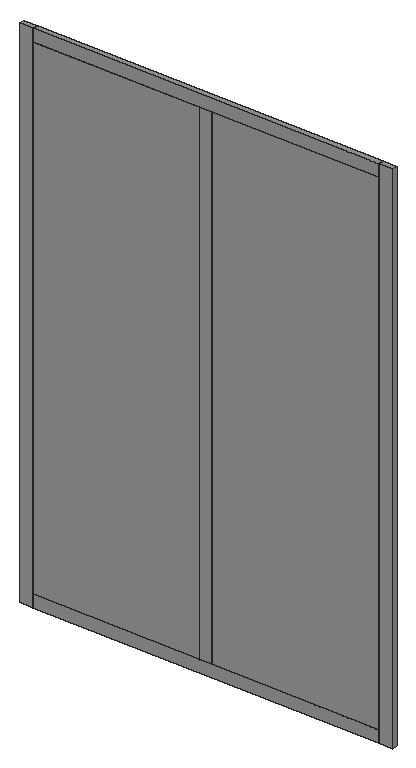
Revit family "MAMPARA IRIS 1400X1950", category Plumbing Fixtures, Revit 2019
Family settings
  Round Connector Dimension = Use Diameter
  Part Type = Normal
  OmniClass Number = 23.45.00.00
  OmniClass Title = Sanitary, Laundry, and Cleaning Equipment
  Work Plane-Based = No
  Always vertical = Yes
  Cut with Voids When Loaded = No
  Shared = No
  Room Calculation Point = No
Reference planes
  plane 1 "Center (Front/Back)": y = 0
  plane 2: z = 0
  plane 3 "Center (Left/Right)": x = 0
Forms (mm)
  Extrusion 1, solid
    sketch origin (0, 0, 0) x (1, 0, 0) y (0, 0, 1)
      loop
        line (-50, 0) -> (0, 0) -> (0, 1950) -> (-50, 1950) -> (-50, 0)
      loop
        line (1350, 1950) -> (1298.375, 1950) -> (1298.375, 0) -> (1350, 0) -> (1350, 1950)
    from 0 to 20.008
  Extrusion 2, solid
    sketch origin (0, 0, 0) x (1, 0, 0) y (0, 0, 1)
      loop
        line (0, 1950) -> (0, 1905) -> (1298.375, 1905) -> (1298.375, 1950) -> (0, 1950)
      loop
        line (0, 0) -> (1298.375, 0) -> (1298.375, 45) -> (0, 45) -> (0, 0)
    from 0 to 20.008
  Extrusion 3, solid
    sketch origin (0, 0, 0) x (1, 0, 0) y (0, 1, 0)
      loop
        line (0, 0) -> (0, -20.008) -> (1298.375, -20.008) -> (1298.375, 0) -> (0, 0)
    from 45 to 1905
  Extrusion 4, solid
    sketch origin (0, 0, 0) x (1, 0, 0) y (0, 1, 0)
      loop
        line (627.5, 0) -> (627.5, -20.008) -> (672.5, -20.008) -> (672.5, 0) -> (627.5, 0)
    from 45 to 1905
Dimensions and locks
  aligned and locked: level to plane 2
